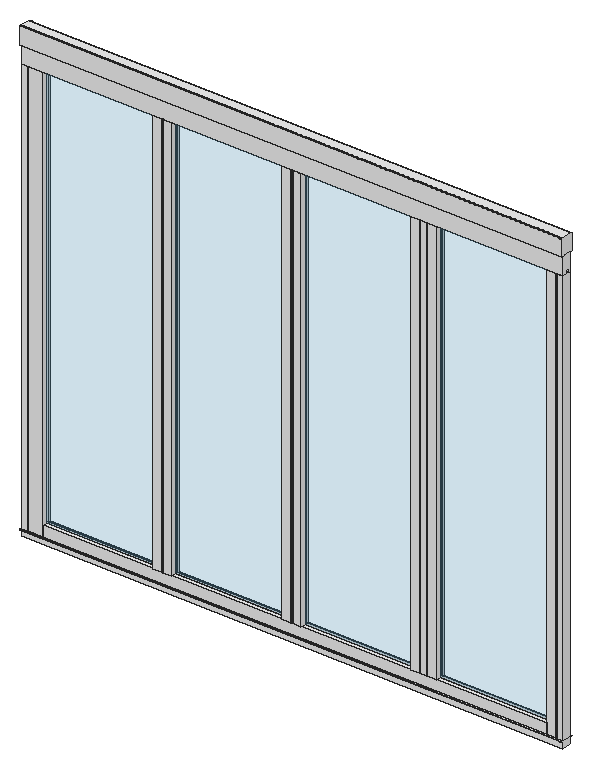
Revit family "98126", category Windows, host Wall, Revit 2018 (continued)
Definition of nested family "Left-Jamb_HSW60"
  Definition of nested family "Profile_LeftJamb_HSW60"
    Lines and regions (in)
      model lines, in view "Ref. Level"
        curve 530: line (2.09083, -0.54842, 0) -> (1.56984, -0.54842, 0)
        curve 531: line (1.56984, -0.54842, 0) -> (1.56984, -0.86963, 0)
        curve 532: line (1.55025, -0.88922, 0) -> (1.53067, -0.88922, 0)
        curve 533: line (1.53067, -0.88922, 0) -> (1.53067, -0.85004, 0)
        curve 534: line (1.53067, -0.85004, 0) -> (1.37398, -0.85004, 0)
        curve 535: line (1.37398, -0.85004, 0) -> (1.37398, -1.10467, 0)
        curve 536: line (1.37398, -1.10467, 0) -> (1.53067, -1.10467, 0)
        curve 537: line (1.53067, -1.10467, 0) -> (1.53067, -1.06549, 0)
        curve 538: line (1.53067, -1.06549, 0) -> (1.55025, -1.06549, 0)
        curve 539: line (1.56984, -1.08508, 0) -> (1.56984, -1.16342, 0)
        curve 540: line (1.56984, -1.16342, 0) -> (0.00294, -1.16342, 0)
        curve 541: line (0.00294, -1.16342, 0) -> (0.00294, -1.11642, 0)
        curve 542: line (0.02252, -1.09683, 0) -> (0.12437, -1.09683, 0)
        curve 543: line (0.29673, -0.994, 0) -> (0.29673, -0.93231, 0)
        curve 544: line (0.25756, -0.89313, 0) -> (0.21055, -0.89313, 0)
        curve 545: line (0.21055, -0.89313, 0) -> (0.21055, -0.92447, 0)
        curve 546: line (0.18476, -0.94305, 0) -> (0.04844, -0.89754, 0)
        curve 547: line (0.00294, -0.83438, 0) -> (0.00294, -0.34905, 0)
        curve 548: line (0.1988, -0.35255, 0) -> (0.26329, -0.35255, 0)
        curve 549: line (0.29722, -0.37214, 0) -> (0.35376, -0.47007, 0)
        curve 550: line (0.35376, -0.47007, 0) -> (0.95865, -0.47007, 0)
        curve 551: line (0.00979, 0.27986, 0) -> (0.11066, 0.3381, 0)
        curve 552: line (0.0276, 0.33013, 0) -> (0.12046, 0.35506, 0)
        curve 553: line (0.12046, 0.35506, 0) -> (0.12046, 0.36475, 0)
        curve 554: line (0.12046, 0.36475, 0) -> (0.07639, 0.44108, 0)
        curve 555: line (0.07639, 0.44108, 0) -> (0.07639, 0.46224, 0)
        curve 556: line (0.08422, 0.47007, 0) -> (0.23504, 0.47007, 0)
        curve 557: line (0.24287, 0.46224, 0) -> (0.24287, 0.44108, 0)
        curve 558: line (0.24287, 0.44108, 0) -> (0.1988, 0.36475, 0)
        curve 559: line (0.1988, 0.36475, 0) -> (0.1988, 0.32566, 0)
        curve 560: line (0.17921, 0.29174, 0) -> (0.09401, 0.24254, 0)
        curve 561: line (0.07443, 0.20862, 0) -> (0.07443, -0.20862, 0)
        curve 562: line (0.09401, -0.24254, 0) -> (0.17921, -0.29174, 0)
        curve 563: line (0.1988, -0.32566, 0) -> (0.1988, -0.36475, 0)
        curve 564: line (0.1988, -0.36475, 0) -> (0.24287, -0.44108, 0)
        curve 565: line (0.24287, -0.44108, 0) -> (0.24287, -0.46224, 0)
        curve 566: line (0.23504, -0.47007, 0) -> (0.08422, -0.47007, 0)
        curve 567: line (0.07639, -0.46224, 0) -> (0.07639, -0.44108, 0)
        curve 568: line (0.07639, -0.44108, 0) -> (0.12046, -0.36475, 0)
        curve 569: line (0.12046, -0.36475, 0) -> (0.12046, -0.35506, 0)
        curve 570: line (0.12046, -0.35506, 0) -> (0.0276, -0.33013, 0)
        curve 571: line (0.11066, -0.3381, 0) -> (0.00979, -0.27986, 0)
        curve 572: line (0, -0.2629, 0) -> (0, 0.2629, 0)
        curve 573: line (2.15057, 0.27986, 0) -> (2.0497, 0.3381, 0)
        curve 574: line (2.07614, 0.47007, 0) -> (1.92533, 0.47007, 0)
        curve 575: line (1.9175, 0.46224, 0) -> (1.9175, 0.44108, 0)
        curve 576: line (1.9175, 0.44108, 0) -> (1.96156, 0.36475, 0)
        curve 577: line (1.96156, 0.36475, 0) -> (1.96156, 0.32566, 0)
        curve 578: line (1.98115, 0.29174, 0) -> (2.06635, 0.24254, 0)
        curve 579: line (2.08594, 0.20862, 0) -> (2.08594, -0.20862, 0)
        curve 580: line (1.98115, -0.29174, 0) -> (2.06635, -0.24254, 0)
        curve 581: line (2.06635, -0.24254, 0) -> (1.98115, -0.29174, 0)
        curve 582: line (1.96156, -0.36475, 0) -> (1.96156, -0.32566, 0)
        curve 583: line (1.96156, -0.32566, 0) -> (1.96156, -0.36475, 0)
        curve 584: line (1.96156, -0.36475, 0) -> (1.9175, -0.44108, 0)
        curve 585: line (1.9175, -0.44108, 0) -> (1.9175, -0.46224, 0)
        curve 586: line (1.9175, -0.46224, 0) -> (1.9175, -0.44108, 0)
        curve 587: line (1.9175, -0.44108, 0) -> (1.96156, -0.36475, 0)
        curve 588: line (1.92533, -0.47007, 0) -> (2.07614, -0.47007, 0)
        curve 589: line (2.08398, -0.46224, 0) -> (2.08398, -0.44108, 0)
        curve 590: line (2.08398, -0.44108, 0) -> (2.03991, -0.36475, 0)
        curve 591: line (2.03991, -0.36475, 0) -> (2.03991, -0.35506, 0)
        curve 592: line (2.03991, -0.35506, 0) -> (2.13276, -0.33013, 0)
        curve 593: line (2.15057, -0.27986, 0) -> (2.0497, -0.3381, 0)
        curve 594: line (2.0497, -0.3381, 0) -> (2.15057, -0.27986, 0)
        curve 595: line (2.16037, -0.2629, 0) -> (2.16037, 0.2629, 0)
        curve 596: line (0.36333, 1.09291, 0) -> (0.36333, 0.94014, 0)
        curve 597: line (0.36333, 0.94014, 0) -> (0.36333, 1.09291, 0)
        curve 598: line (0.36333, 1.09291, 0) -> (1.30738, 1.09291, 0)
        curve 599: line (1.30738, 1.09291, 0) -> (1.30738, 0.85396, 0)
        curve 600: line (1.50325, 0.78737, 0) -> (1.37398, 0.78737, 0)
        curve 601: line (1.37398, 0.78737, 0) -> (1.50325, 0.78737, 0)
        curve 602: line (1.50325, 0.78737, 0) -> (1.50325, 0.54842, 0)
        curve 603: line (1.50325, 0.54842, 0) -> (1.17529, 0.54842, 0)
        curve 604: line (0.06953, 0.54842, 0) -> (0.9459, 0.54842, 0)
        curve 605: line (0.9459, 0.54842, 0) -> (0.06953, 0.54842, 0)
        curve 606: line (0.06953, 0.54842, 0) -> (0.06953, 0.83438, 0)
        curve 607: line (0.06953, 0.83438, 0) -> (0.25756, 0.83438, 0)
        curve 608: line (0.25756, 0.83438, 0) -> (0.06953, 0.83438, 0)
        curve 609: line (0.06953, 0.83438, 0) -> (0.06953, 0.54842, 0)
        curve 610: line (1.16254, 0.47007, 0) -> (1.80661, 0.47007, 0)
        curve 611: line (1.80661, 0.47007, 0) -> (1.86315, 0.37214, 0)
        curve 612: line (1.89707, 0.35255, 0) -> (1.96156, 0.35255, 0)
        curve 613: line (2.0481, 0.35282, 0) -> (2.13277, 0.33013, 0)
        curve 614: line (2.13276, 0.33013, 0) -> (2.03991, 0.35506, 0)
        curve 615: line (2.03991, 0.35506, 0) -> (2.03991, 0.36475, 0)
        curve 616: line (2.03991, 0.36475, 0) -> (2.08398, 0.44108, 0)
        curve 617: line (2.08398, 0.44108, 0) -> (2.08398, 0.46224, 0)
        curve 618: line (2.15743, 0.34905, 0) -> (2.15743, 0.59857, 0)
        curve 619: line (2.15743, 0.59857, 0) -> (2.14568, 0.61893, 0)
        curve 620: line (2.14568, 0.61893, 0) -> (2.15743, 0.63928, 0)
        curve 621: line (2.15743, 0.63928, 0) -> (2.15743, 0.67362, 0)
        curve 622: line (2.15743, 0.67362, 0) -> (2.15743, 0.63928, 0)
        curve 623: line (2.15743, 0.63928, 0) -> (2.14568, 0.61893, 0)
        curve 624: line (2.14568, 0.61893, 0) -> (2.15743, 0.59857, 0)
        curve 625: line (2.15743, 0.59857, 0) -> (2.15743, 0.34905, 0)
        curve 626: line (1.99221, 0.76216, 0) -> (2.1044, 0.73882, 0)
        curve 627: line (2.1044, 0.73882, 0) -> (1.99221, 0.76216, 0)
        curve 628: line (1.55025, 0.88922, 0) -> (1.53067, 0.88922, 0)
        curve 629: line (1.53067, 0.88922, 0) -> (1.53067, 0.85004, 0)
        curve 630: line (1.53067, 0.85004, 0) -> (1.37398, 0.85004, 0)
        curve 631: line (1.37398, 0.85004, 0) -> (1.37398, 1.10467, 0)
        curve 632: line (1.37398, 1.10467, 0) -> (1.53067, 1.10467, 0)
        curve 633: line (1.53067, 1.10467, 0) -> (1.53067, 1.06549, 0)
        curve 634: line (1.53067, 1.06549, 0) -> (1.55025, 1.06549, 0)
        curve 635: line (1.56984, 1.08508, 0) -> (1.56984, 1.16342, 0)
        curve 636: line (1.56984, 1.16342, 0) -> (0.00294, 1.16342, 0)
        curve 637: line (0.00294, 1.16342, 0) -> (0.00294, 1.11642, 0)
        curve 638: line (0.00294, 1.11642, 0) -> (0.00294, 1.16342, 0)
        curve 639: line (0.12437, 1.09683, 0) -> (0.02252, 1.09683, 0)
        curve 640: line (0.02252, 1.09683, 0) -> (0.12437, 1.09683, 0)
        curve 641: line (0.29673, 0.93231, 0) -> (0.29673, 0.994, 0)
        curve 642: line (0.29673, 0.994, 0) -> (0.29673, 0.93231, 0)
        curve 643: line (0.21055, 0.89313, 0) -> (0.25756, 0.89313, 0)
        curve 644: line (0.25756, 0.89313, 0) -> (0.21055, 0.89313, 0)
        curve 645: line (0.21055, 0.89313, 0) -> (0.21055, 0.92447, 0)
        curve 646: line (0.21055, 0.92447, 0) -> (0.21055, 0.89313, 0)
        curve 647: line (0.04844, 0.89754, 0) -> (0.18476, 0.94305, 0)
        curve 648: line (0.18476, 0.94305, 0) -> (0.04844, 0.89754, 0)
        curve 649: line (0.00294, 0.83438, 0) -> (0.00294, 0.34905, 0)
        curve 650: line (0.1988, 0.35255, 0) -> (0.26329, 0.35255, 0)
        curve 651: line (0.29722, 0.37214, 0) -> (0.35376, 0.47007, 0)
        curve 652: line (0.35376, 0.47007, 0) -> (0.95865, 0.47007, 0)
        curve 653: line (1.56984, 0.86963, 0) -> (1.56984, 0.54842, 0)
        curve 654: line (1.56984, 0.54842, 0) -> (2.09083, 0.54842, 0)
        curve 655: line (2.09083, 0.54842, 0) -> (2.09083, 0.68963, 0)
        curve 656: line (2.09083, 0.68963, 0) -> (1.98184, 0.7123, 0)
        curve 657: line (1.98184, 0.7123, 0) -> (2.09083, 0.68963, 0)
        curve 658: line (2.09083, 0.68963, 0) -> (2.09083, 0.54842, 0)
        curve 659: line (2.64317, 0.34905, 0) -> (2.64317, 0.59857, 0)
        curve 660: line (2.64317, 0.59857, 0) -> (2.65492, 0.61893, 0)
        curve 661: line (2.65492, 0.61893, 0) -> (2.64317, 0.63928, 0)
        curve 662: line (2.64317, 0.63928, 0) -> (2.64317, 0.67362, 0)
        curve 663: line (3.23075, 1.08508, 0) -> (3.23075, 1.16342, 0)
        curve 664: line (3.23075, 1.16342, 0) -> (5.58111, 1.16342, 0)
        curve 665: line (5.58111, 1.16342, 0) -> (5.58111, 0.9786, 0)
        curve 666: line (3.63806, 0.47007, 0) -> (2.99399, 0.47007, 0)
        curve 667: line (2.99399, 0.47007, 0) -> (2.93745, 0.37214, 0)
        curve 668: line (5.18938, 0.9989, 0) -> (5.18938, 1.02632, 0)
        curve 669: line (5.18938, 1.02632, 0) -> (5.15021, 1.02632, 0)
        curve 670: line (5.15021, 1.02632, 0) -> (5.15021, 1.10467, 0)
        curve 671: line (5.15021, 1.10467, 0) -> (5.50668, 1.10467, 0)
        curve 672: line (5.50668, 1.10467, 0) -> (5.50668, 1.02632, 0)
        curve 673: line (5.50668, 1.02632, 0) -> (5.46751, 1.02632, 0)
        curve 674: line (5.46751, 1.02632, 0) -> (5.46751, 0.98715, 0)
        curve 675: line (5.46751, 0.98715, 0) -> (5.56473, 0.98715, 0)
        curve 676: line (5.56473, 0.98715, 0) -> (5.47926, 0.98715, 0)
        curve 677: line (5.17763, 0.98715, 0) -> (5.14237, 0.98715, 0)
        curve 678: line (5.1032, 1.02632, 0) -> (5.1032, 1.09291, 0)
        curve 679: line (5.1032, 1.09291, 0) -> (4.71931, 1.09291, 0)
        curve 680: line (4.71931, 1.09291, 0) -> (4.71931, 0.98777, 0)
        curve 681: line (4.71931, 0.98777, 0) -> (4.78872, 0.8677, 0)
        curve 682: line (2.81875, 0.7123, 0) -> (2.70976, 0.68963, 0)
        curve 683: line (2.70976, 0.68963, 0) -> (2.70976, 0.54842, 0)
        curve 684: line (2.70976, 0.54842, 0) -> (3.23075, 0.54842, 0)
        curve 685: line (3.23075, 0.54842, 0) -> (3.23075, 0.86963, 0)
        curve 686: line (3.25034, 0.88922, 0) -> (3.26993, 0.88922, 0)
        curve 687: line (3.26993, 0.88922, 0) -> (3.26993, 0.85004, 0)
        curve 688: line (3.26993, 0.85004, 0) -> (3.42662, 0.85004, 0)
        curve 689: line (3.42662, 0.85004, 0) -> (3.42662, 1.10467, 0)
        curve 690: line (3.42662, 1.10467, 0) -> (3.26993, 1.10467, 0)
        curve 691: line (3.26993, 1.10467, 0) -> (3.26993, 1.06549, 0)
        curve 692: line (3.26993, 1.06549, 0) -> (3.25034, 1.06549, 0)
        curve 693: line (3.42662, 0.78737, 0) -> (3.29735, 0.78737, 0)
        curve 694: line (3.29735, 0.78737, 0) -> (3.29735, 0.54842, 0)
        curve 695: line (3.29735, 0.54842, 0) -> (3.62531, 0.54842, 0)
        curve 696: line (3.85469, 0.54842, 0) -> (4.73106, 0.54842, 0)
        curve 697: line (4.73106, 0.54842, 0) -> (4.73106, 0.83438, 0)
        curve 698: line (4.73106, 0.83438, 0) -> (4.65272, 0.96991, 0)
        curve 699: line (4.65272, 0.96991, 0) -> (4.65272, 1.09291, 0)
        curve 700: line (4.65272, 1.09291, 0) -> (3.49321, 1.09291, 0)
        curve 701: line (3.49321, 1.09291, 0) -> (3.49321, 0.85396, 0)
        curve 702: line (4.50338, 0.37214, 0) -> (4.44683, 0.47007, 0)
        curve 703: line (4.44683, 0.47007, 0) -> (3.84194, 0.47007, 0)
        curve 704: line (4.60179, 0.35255, 0) -> (4.5373, 0.35255, 0)
        curve 705: line (2.90352, 0.35255, 0) -> (2.83903, 0.35255, 0)
        curve 706: line (4.79766, 0.83438, 0) -> (4.79766, 0.34905, 0)
        curve 707: line (2.64317, -0.34905, 0) -> (2.64317, -0.59857, 0)
        curve 708: line (2.64317, -0.59857, 0) -> (2.65492, -0.61893, 0)
        curve 709: line (2.65492, -0.61893, 0) -> (2.64317, -0.63928, 0)
        curve 710: line (2.64317, -0.63928, 0) -> (2.64317, -0.67362, 0)
        curve 711: line (2.81875, -0.7123, 0) -> (2.70976, -0.68963, 0)
        curve 712: line (2.70976, -0.68963, 0) -> (2.70976, -0.54842, 0)
        curve 713: line (2.70976, -0.54842, 0) -> (3.23075, -0.54842, 0)
        curve 714: line (3.23075, -0.54842, 0) -> (3.23075, -0.86963, 0)
        curve 715: line (3.42662, -0.78737, 0) -> (3.29735, -0.78737, 0)
        curve 716: line (3.29735, -0.78737, 0) -> (3.29735, -0.54842, 0)
        curve 717: line (3.29735, -0.54842, 0) -> (3.62531, -0.54842, 0)
        curve 718: line (3.25034, -0.88922, 0) -> (3.26993, -0.88922, 0)
        curve 719: line (3.26993, -0.88922, 0) -> (3.26993, -0.85004, 0)
        curve 720: line (3.26993, -0.85004, 0) -> (3.42662, -0.85004, 0)
        curve 721: line (3.42662, -0.85004, 0) -> (3.42662, -1.10467, 0)
        curve 722: line (3.42662, -1.10467, 0) -> (3.26993, -1.10467, 0)
        curve 723: line (3.26993, -1.10467, 0) -> (3.26993, -1.06549, 0)
        curve 724: line (3.26993, -1.06549, 0) -> (3.25034, -1.06549, 0)
        curve 725: line (4.60179, -0.35255, 0) -> (4.5373, -0.35255, 0)
        curve 726: line (2.90352, -0.35255, 0) -> (2.83903, -0.35255, 0)
        curve 727: line (4.43727, -0.93231, 0) -> (4.43727, -1.09291, 0)
        curve 728: line (4.43727, -1.09291, 0) -> (3.49321, -1.09291, 0)
        curve 729: line (3.49321, -1.09291, 0) -> (3.49321, -0.85396, 0)
        curve 730: line (4.50338, -0.37214, 0) -> (4.44683, -0.47007, 0)
        curve 731: line (4.44683, -0.47007, 0) -> (3.84194, -0.47007, 0)
        curve 732: line (3.63806, -0.47007, 0) -> (2.99399, -0.47007, 0)
        curve 733: line (2.99399, -0.47007, 0) -> (2.93745, -0.37214, 0)
        curve 734: line (4.50386, -0.994, 0) -> (4.50386, -0.93231, 0)
        curve 735: line (4.54303, -0.89313, 0) -> (4.59004, -0.89313, 0)
        curve 736: line (4.59004, -0.89313, 0) -> (4.59004, -0.92447, 0)
        curve 737: line (3.85469, -0.54842, 0) -> (4.73106, -0.54842, 0)
        curve 738: line (4.73106, -0.54842, 0) -> (4.73106, -0.82654, 0)
        curve 739: line (4.73106, -0.82654, 0) -> (4.54303, -0.82654, 0)
        curve 740: line (3.23075, -1.08508, 0) -> (3.23075, -1.16342, 0)
        curve 741: line (3.23075, -1.16342, 0) -> (4.79766, -1.16342, 0)
        curve 742: line (4.79766, -1.16342, 0) -> (4.79766, -1.11642, 0)
        curve 743: line (4.79766, -0.34905, 0) -> (4.79766, -0.82654, 0)
        curve 744: line (2.6962, -0.73882, 0) -> (2.80838, -0.76216, 0)
        curve 745: line (4.77807, -1.09683, 0) -> (4.67622, -1.09683, 0)
        curve 746: line (4.61676, -0.94271, 0) -> (4.7553, -0.88856, 0)
        curve 747: line (2.64317, -0.2629, 0) -> (2.64317, 0.2629, 0)
        curve 748: line (2.71466, 0.20862, 0) -> (2.71466, -0.20862, 0)
        curve 749: line (2.71662, -0.46224, 0) -> (2.71662, -0.44108, 0)
        curve 750: line (2.71662, -0.44108, 0) -> (2.76068, -0.36475, 0)
        curve 751: line (2.76068, -0.36475, 0) -> (2.76068, -0.35501, 0)
        curve 752: line (2.76068, -0.35501, 0) -> (2.66782, -0.33013, 0)
        curve 753: line (2.66782, 0.33013, 0) -> (2.76068, 0.35501, 0)
        curve 754: line (2.76068, 0.35501, 0) -> (2.76068, 0.36475, 0)
        curve 755: line (2.76068, 0.36475, 0) -> (2.71662, 0.44108, 0)
        curve 756: line (2.71662, 0.44108, 0) -> (2.71662, 0.46224, 0)
        curve 757: line (2.8831, 0.46224, 0) -> (2.8831, 0.44108, 0)
        curve 758: line (2.8831, 0.44108, 0) -> (2.83903, 0.36475, 0)
        curve 759: line (2.83903, 0.36475, 0) -> (2.83903, 0.32566, 0)
        curve 760: line (2.83903, -0.32566, 0) -> (2.83903, -0.36475, 0)
        curve 761: line (2.83903, -0.36475, 0) -> (2.8831, -0.44108, 0)
        curve 762: line (2.8831, -0.44108, 0) -> (2.8831, -0.46224, 0)
        curve 763: line (2.65296, 0.27986, 0) -> (2.75089, 0.3381, 0)
        curve 764: line (2.81944, 0.29174, 0) -> (2.73424, 0.24254, 0)
        curve 765: line (2.72445, 0.47007, 0) -> (2.87526, 0.47007, 0)
        curve 766: line (2.87526, -0.47007, 0) -> (2.72445, -0.47007, 0)
        curve 767: line (2.73424, -0.24254, 0) -> (2.81944, -0.29174, 0)
        curve 768: line (2.75089, -0.3381, 0) -> (2.65296, -0.27986, 0)
        curve 769: line (4.55772, 0.46224, 0) -> (4.55772, 0.44108, 0)
        curve 770: line (4.55772, 0.44108, 0) -> (4.60179, 0.36475, 0)
        curve 771: line (4.60179, 0.36475, 0) -> (4.60179, 0.32566, 0)
        curve 772: line (4.78786, 0.27986, 0) -> (4.68993, 0.3381, 0)
        curve 773: line (4.62138, 0.29174, 0) -> (4.70658, 0.24254, 0)
        curve 774: line (4.71637, 0.47007, 0) -> (4.56556, 0.47007, 0)
        curve 775: line (4.72421, -0.46224, 0) -> (4.72421, -0.44108, 0)
        curve 776: line (4.72421, -0.44108, 0) -> (4.68014, -0.36475, 0)
        curve 777: line (4.68014, -0.36475, 0) -> (4.68014, -0.35506, 0)
        curve 778: line (4.68014, -0.35506, 0) -> (4.77299, -0.33013, 0)
        curve 779: line (4.773, 0.33013, 0) -> (4.68014, 0.35501, 0)
        curve 780: line (4.68014, 0.35501, 0) -> (4.68014, 0.36475, 0)
        curve 781: line (4.68014, 0.36475, 0) -> (4.72421, 0.44108, 0)
        curve 782: line (4.72421, 0.44108, 0) -> (4.72421, 0.46224, 0)
        curve 783: line (4.56556, -0.47007, 0) -> (4.71637, -0.47007, 0)
        curve 784: line (4.60179, -0.32566, 0) -> (4.60179, -0.36475, 0)
        curve 785: line (4.60179, -0.36475, 0) -> (4.55772, -0.44108, 0)
        curve 786: line (4.55772, -0.44108, 0) -> (4.55772, -0.46224, 0)
        curve 787: line (4.70658, -0.24254, 0) -> (4.62138, -0.29174, 0)
        curve 788: line (4.72617, 0.20862, 0) -> (4.72617, -0.20862, 0)
        curve 789: line (4.68993, -0.3381, 0) -> (4.78786, -0.27986, 0)
        curve 790: line (4.79766, -0.2629, 0) -> (4.79766, 0.2629, 0)
        curve 791: line (2.37032, -0.98232, 0) -> (2.35329, -0.97931, 0)
        curve 792: line (2.35329, -0.97931, 0) -> (2.35329, -0.92839, 0)
        curve 793: line (2.35329, -0.92839, 0) -> (2.43164, -0.92839, 0)
        curve 794: line (2.43164, -0.92839, 0) -> (2.43164, -0.86963, 0)
        curve 795: line (2.56482, -0.48966, 0) -> (2.56482, -0.81087, 0)
        curve 796: line (2.56482, -0.81087, 0) -> (2.49039, -0.81087, 0)
        curve 797: line (2.58441, -0.47007, 0) -> (2.64317, -0.47007, 0)
        curve 798: line (2.64317, -0.47007, 0) -> (2.64317, -0.50924, 0)
        curve 799: line (2.64317, -0.50924, 0) -> (2.62358, -0.50924, 0)
        curve 800: line (2.62358, -0.50924, 0) -> (2.62358, -0.81087, 0)
        curve 801: line (2.62358, -0.81087, 0) -> (2.7411, -0.81087, 0)
        curve 802: line (2.7411, -0.81087, 0) -> (2.7411, -0.77142, 0)
        curve 803: line (2.75524, -0.75991, 0) -> (2.7905, -0.76725, 0)
        curve 804: line (2.79986, -0.77875, 0) -> (2.79986, -0.81087, 0)
        curve 805: line (2.79986, -0.81087, 0) -> (2.83903, -0.81087, 0)
        curve 806: line (2.83903, -0.81087, 0) -> (2.83903, -0.88138, 0)
        curve 807: line (2.83903, -0.88138, 0) -> (2.50215, -0.88138, 0)
        curve 808: line (2.50215, -0.88138, 0) -> (2.50215, -1.09291, 0)
        curve 809: line (2.50215, -1.09291, 0) -> (3.14066, -1.09291, 0)
        curve 810: line (3.14066, -1.09291, 0) -> (3.14066, -1.00666, 0)
        curve 811: line (3.14066, -1.00666, 0) -> (3.282, -1.00666, 0)
        curve 812: line (3.282, -1.00666, 0) -> (3.282, -0.94462, 0)
        curve 813: line (3.282, -0.94462, 0) -> (3.23075, -0.94462, 0)
        curve 814: line (3.32869, -1.01653, 0) -> (3.32869, -0.93818, 0)
        curve 815: line (3.28951, -0.89901, 0) -> (3.23075, -0.89901, 0)
        curve 816: line (3.23075, -0.89901, 0) -> (3.23075, -0.94462, 0)
        curve 817: line (3.28951, -1.0557, 0) -> (3.21117, -1.0557, 0)
        curve 818: line (3.21117, -1.0557, 0) -> (3.21117, -1.12425, 0)
        curve 819: line (3.21117, -1.12425, 0) -> (3.23075, -1.14384, 0)
        curve 820: line (3.23075, -1.14384, 0) -> (3.23075, -1.16342, 0)
        curve 821: line (3.23075, -1.16342, 0) -> (1.97723, -1.16342, 0)
        curve 822: line (1.97723, -1.16342, 0) -> (1.97723, -0.92839, 0)
        curve 823: line (1.97723, -0.92839, 0) -> (2.07517, -0.92839, 0)
        curve 824: line (2.07517, -0.92839, 0) -> (2.07517, -0.96756, 0)
        curve 825: line (2.07517, -0.96756, 0) -> (2.03599, -0.96756, 0)
        curve 826: line (2.03599, -0.96756, 0) -> (2.03599, -1.09683, 0)
        curve 827: line (2.03599, -1.09683, 0) -> (2.27494, -1.09683, 0)
        curve 828: line (2.35329, -0.92839, 0) -> (2.35329, -0.96756, 0)
        curve 829: line (2.35329, -0.96756, 0) -> (2.43164, -0.96756, 0)
        curve 830: line (2.43164, -0.96756, 0) -> (2.43164, -1.09683, 0)
        curve 831: line (2.43164, -1.09683, 0) -> (2.31412, -1.09683, 0)
        curve 832: line (2.31412, -1.09683, 0) -> (2.31412, -1.04591, 0)
        curve 833: line (2.31412, -1.04591, 0) -> (2.27494, -1.04591, 0)
        curve 834: line (2.27494, -1.04591, 0) -> (2.27494, -1.09683, 0)
Definition of nested family "Sash_Open-Door_HSW-60_NanaWall"
  Parameters
    system length 1 = 2' - 6.77422"
    Height = 8' - 11 121/128"
    Glass Thickness = 0' - 0.94091"
    Glass = none
    Assembly Code = ""
  Reference planes (in)
    plane 1 "Center (Front/Back)": y = -7.70117
    plane 2: z = 0
    plane 3 "Center (Left/Right)": x = 0.01235
    plane 4 "Left": x = -15.37476
    plane 5 "Right": x = 15.39946
    plane 6 "Top": z = 107.94531
    plane 7 "Top Interior Edge of Filler": z = 107.43359
    plane 8 "Bottom Interior Edge of Filler": z = 0.51172
    plane 9 "Top Edge of Glass": z = 105.07813
    plane 10 "Bottom Edge of Glass": z = 2.86719
  Forms (in)
    Extrusion 1, solid, material <- "Glass"
      sketch origin (0, 0, 0) x (1, 0, 0) y (0, 1, 0)
        loop
          line (-15.37476, -7.23072) -> (-15.37476, -8.17163) -> (15.39946, -8.17163) -> (15.39946, -7.23072) -> (-15.37476, -7.23072)
      from 0 to 107.94531
  Lines and regions (in)
    Masking region 1
      outline origin (0, 0, 0) x (1, 0, 0) y (0, 1, 0)
        loop
          line (-15.37476, -8.17163) -> (15.39946, -8.17163) -> (15.39946, -7.23072) -> (-15.37476, -7.23072) -> (-15.37476, -8.17163)
  Text (in)
    text "INTERIOR" at (-58.41771, 10.1947, 0), in view "Ref. Level"
    text "EXTERIOR" at (-58.41771, -20.04114, 0), in view "Ref. Level"
  Dimensions and locks (in)
    equal spacing: plane 4 "Left", plane 3 "Center (Left/Right)", plane 5 "Right"
    "Height": plane 6 "Top" to level
    locked: plane 6 "Top" to plane 7 "Top Interior Edge of Filler" at 0.51172
    locked: plane 8 "Bottom Interior Edge of Filler" to level at 0.51172
    locked: plane 10 "Bottom Edge of Glass" to level at 2.86719
    locked: plane 6 "Top" to plane 9 "Top Edge of Glass" at 2.86719
    "system length 1": plane 4 "Left" to plane 5 "Right"
    equal spacing: Extrusion 1 sketch curve, plane 1 "Center (Front/Back)", Extrusion 1 sketch curve
    "Glass Thickness": Extrusion 1 sketch curve to Extrusion 1 sketch curve
    aligned and locked: Extrusion 1 sketch curve to plane 5 "Right"
    aligned and locked: plane 4 "Left" to Extrusion 1 sketch curve
    aligned and locked: Masking region 1 sketch curve to Extrusion 1  (x2)
    aligned and locked: Masking region 1 sketch curve to plane 4 "Left"
    aligned and locked: Masking region 1 sketch curve to plane 5 "Right"
    aligned and locked: Extrusion 1 to level
    aligned and locked: plane 6 "Top" to Extrusion 1
Definition of nested family "Middle-Jamb_11.6"
  Parameters
    built-in parameter 1001301 = 1' - 0"
    Right Jamb = none
    Height = 8' - 11 121/128"
    Half = yes
    Filler = none
    Closed [instance] = yes
    Assembly Code = ""
  Reference planes (in)
    plane 1 "Center (Front/Back)": y = 0
    plane 2: z = 0
    plane 3 "Center (Left/Right)": x = -7.30207
    plane 4 "Top": z = 107.94531
    plane 5: x = -10.09324
    plane 6: x = -4.5109
  Forms (in)
    Sweep 1, solid, material <- "Right Jamb", visible <- "Closed"
      path origin (-7.30207, 0, 0) x (0, 1, 0) y (0, 0, -1)
        loop
          line (0, -107.94531) -> (0, 0)
      profile origin (-7.30207, 0, 53.97266) x (-1, 0, 0) y (0, -1, 0)
        loop
          line (-3.36375, -1.16437) -> (-1.02716, -1.16437) -> (-1.02716, 1.16438) -> (-3.37943, 1.16438) -> (-3.37943, 0.10977) -> (-2.79117, 0.10977) -> (-2.79117, -0.83114) -> (-3.36375, -0.83114) -> (-3.36375, -1.16437)
        loop
          line (3.36375, -1.16437) -> (3.36375, -0.83114) -> (2.79117, -0.83114) -> (2.79117, 0.10977) -> (3.37943, 0.10977) -> (3.37943, 1.16438) -> (1.02716, 1.16438) -> (1.02716, -1.16437) -> (3.36375, -1.16437)
    Sweep 2, solid, material <- "Right Jamb"
      path origin (-7.30207, 0, 0) x (0, 1, 0) y (0, 0, -1)
        loop
          line (0, -107.94531) -> (0, 0)
      profile origin (-7.30207, 0, 53.97266) x (-1, 0, 0) y (0, -1, 0)
        loop
          line (-1.02716, 0.82155) -> (-1.02716, -1.16437) -> (0.61943, -1.16437) -> (0.61943, -0.82155) -> (1.02716, -0.82155) -> (1.02716, 1.16438) -> (-0.61943, 1.16438) -> (-0.61943, 0.82155) -> (-1.02716, 0.82155)
  Lines and regions (in)
    Masking region 1, visible <- "Closed"
      outline origin (0, 0, 0) x (1, 0, 0) y (0, 1, 0)
        loop
          line (-3.92264, -1.16438) -> (-3.92264, -0.10977) -> (-4.5109, -0.10977) -> (-4.5109, 0.83114) -> (-3.93832, 0.83114) -> (-3.93832, 1.16437) -> (-6.27491, 1.16437) -> (-6.27491, -1.16438) -> (-3.92264, -1.16438)
        loop
          line (-10.6815, -1.16438) -> (-8.32923, -1.16438) -> (-8.32923, 1.16437) -> (-10.66582, 1.16437) -> (-10.66582, 0.83114) -> (-10.09324, 0.83114) -> (-10.09324, -0.10977) -> (-10.6815, -0.10977) -> (-10.6815, -1.16438)
    Masking region 2
      outline origin (-2.33659, 0, 0) x (1, 0, 0) y (0, 1, 0)
        loop
          line (-5.58491, 1.16437) -> (-5.58491, 0.82155) -> (-5.99264, 0.82155) -> (-5.99264, -1.16438) -> (-4.34605, -1.16438) -> (-4.34605, -0.82155) -> (-3.93832, -0.82155) -> (-3.93832, 1.16437) -> (-5.58491, 1.16437)
    symbolic lines, detail levels medium+fine
      curve 1: line (-6.27491, -0.82155, 0) -> (-6.27491, 1.16437, 0)
      curve 2: line (-8.32923, 0.82155, 0) -> (-8.32923, -1.16438, 0)
  Dimensions and locks (in)
    "Height": plane 4 "Top" to level
    plane 4 "Top" to level = 8' - 11 121/128"
    locked: plane 5 to plane 3 "Center (Left/Right)" at 2.79117
    locked: plane 3 "Center (Left/Right)" to plane 6 at 2.79117
    aligned and locked: profile plane to plane 3 "Center (Left/Right)"
  Automatic sketch dimensions
    curve 2 to plane 3 "Center (Left/Right)" = 0' - 1.02716"
    plane 3 "Center (Left/Right)" to curve 1 = 0' - 1.02716"
    plane 1 "Center (Front/Back)" to curve 2 = 0' - 1.16438"
    plane 1 "Center (Front/Back)" to curve 1 = 0' - 0.82155"
    curve 2 to plane 1 "Center (Front/Back)" = 0' - 0.82155"
    curve 1 to plane 1 "Center (Front/Back)" = 0' - 1.16438"
    Sweep 1 sketch curve to level = 0' - 0"
    Sweep 1 sketch curve to plane 1 "Center (Front/Back)" = 0' - 0"
    Sweep 1 sketch curve to plane 4 "Top" = 0' - 0"
    Sweep 1 sketch curve to profile plane = 0' - 1.16438"
    Sweep 1 sketch curve to profile plane = 0' - 3.37943"
    Sweep 1 sketch curve to Sweep 1 sketch curve = 0' - 0.01568"
    Sweep 1 sketch curve to profile plane = 0' - 0.10977"  (x2)
    Sweep 1 sketch curve to Sweep 1 sketch curve = 0' - 0.58826"  (x2)
    Sweep 1 sketch curve to profile plane = 0' - 1.02716"
    profile plane to Sweep 1 sketch curve = 0' - 1.02716"
    Sweep 1 sketch curve to Sweep 1 sketch curve = 0' - 1.76401"
    Sweep 1 sketch curve to Sweep 1 sketch curve = 0' - 0.57258"
    profile plane to Sweep 1 sketch curve = 0' - 0.83114"  (x2)
    profile plane to Sweep 1 sketch curve = 0' - 1.16437"  (x2)
    Sweep 1 sketch curve to Sweep 1 sketch curve = 0' - 1.0546"
    Masking region 1 sketch curve to plane 5 = 0' - 0"
    Masking region 1 sketch curve to plane 6 = 0' - 0"
    plane 5 to Masking region 1 sketch curve = 0' - 0.57258"
    plane 1 "Center (Front/Back)" to Masking region 1 sketch curve = 0' - 0.10977"  (x2)
    plane 5 to Masking region 1 sketch curve = 0' - 0.58826"
    Masking region 1 sketch curve to plane 3 "Center (Left/Right)" = 0' - 1.02716"
    plane 3 "Center (Left/Right)" to Masking region 1 sketch curve = 0' - 1.02716"
    Masking region 1 sketch curve to Masking region 1 sketch curve = 0' - 0.57258"
    plane 6 to Masking region 1 sketch curve = 0' - 0.58826"
    plane 1 "Center (Front/Back)" to Masking region 1 sketch curve = 0' - 1.16438"  (x2)
    Masking region 1 sketch curve to plane 1 "Center (Front/Back)" = 0' - 0.83114"  (x2)
    Masking region 1 sketch curve to plane 1 "Center (Front/Back)" = 0' - 1.16438"  (x2)
    Sweep 2 sketch curve to level = 0' - 0"
    Sweep 2 sketch curve to plane 1 "Center (Front/Back)" = 0' - 0"
    Sweep 2 sketch curve to plane 4 "Top" = 0' - 0"
    Sweep 2 sketch curve to profile plane = 0' - 1.02716"
    Sweep 2 sketch curve to Sweep 2 sketch curve = 0' - 0.40773"  (x2)
    profile plane to Sweep 2 sketch curve = 0' - 0.61943"
    profile plane to Sweep 2 sketch curve = 0' - 1.16437"
    Sweep 2 sketch curve to Sweep 2 sketch curve = 0' - 0.34282"  (x2)
    Sweep 2 sketch curve to profile plane = 0' - 0.82155"
    Masking region 2 sketch curve to plane 3 "Center (Left/Right)" = 0' - 1.02716"
    Masking region 2 sketch curve to Masking region 2 sketch curve = 0' - 0.40773"  (x2)
    Masking region 2 sketch curve to plane 1 "Center (Front/Back)" = 0' - 0.82155"
    Masking region 2 sketch curve to Masking region 2 sketch curve = 0' - 0.34282"  (x2)
    plane 3 "Center (Left/Right)" to Masking region 2 sketch curve = 0' - 0.61943"
    plane 1 "Center (Front/Back)" to Masking region 2 sketch curve = 0' - 0.82155"
Definition of nested family "Middle-Jamb_11"
  Parameters
    built-in parameter 1001301 = 1' - 11 147/256"
    Right Jamb = none
    Height = 8' - 11 121/128"
    Half = yes
    Glass Width = 1' - 11 147/256"
    Glass = none
    Filler = none
    Assembly Code = ""
  Reference planes (in)
    plane 1 "Center (Front/Back)": y = 0
    plane 2: z = 0
    plane 3 "Center (Left/Right)": x = -7.30207
    plane 4 "Top": z = 107.94531
    plane 5: x = -5.3342
    plane 6: x = -9.26994
    plane 7: x = 18.24002
  Forms (in)
    Sweep 1, solid, material <- "Right Jamb"
      path origin (-7.30207, 0, 0) x (0, 1, 0) y (0, 0, -1)
        loop
          line (0, -107.94531) -> (0, 0)
      profile origin (-7.30207, 0, 53.97266) x (-1, 0, 0) y (0, -1, 0)
        loop
          line (2.54045, -1.16437) -> (2.54045, -0.83114) -> (1.96787, -0.83114) -> (1.96787, 0.10977) -> (2.55614, 0.10977) -> (2.55614, 1.16438) -> (0.20386, 1.16438) -> (0.20386, 0.54886) -> (-0.20386, 0.54886) -> (-0.20386, 1.16438) -> (-2.55614, 1.16438) -> (-2.55614, 0.10977) -> (-1.96787, 0.10977) -> (-1.96787, -0.83114) -> (-2.54045, -0.83114) -> (-2.54045, -1.16437) -> (-0.20386, -1.16437) -> (-0.20386, -0.54886) -> (0.20386, -0.54886) -> (0.20386, -1.16437) -> (2.54045, -1.16437)
    Sweep 2, solid, material <- "Right Jamb"
      path origin (-7.30207, 0, 0) x (0, 1, 0) y (0, 0, -1)
        loop
          line (0, -107.94531) -> (0, 0)
      profile origin (-7.30207, 0, 53.97266) x (-1, 0, 0) y (0, -1, 0)
        loop
          line (0.20386, 1.16438) -> (-0.20386, 1.16438) -> (-0.20386, 0.54886) -> (0.20386, 0.54886) -> (0.20386, 1.16438)
        loop
          line (0.20386, -1.16437) -> (0.20386, -0.54886) -> (-0.20386, -0.54886) -> (-0.20386, -1.16437) -> (0.20386, -1.16437)
  Lines and regions (in)
    Masking region 1
      outline origin (0, 0, 0) x (1, 0, 0) y (0, 1, 0)
        loop
          line (-4.76162, 1.16437) -> (-7.09821, 1.16437) -> (-7.09821, 0.54886) -> (-7.50593, 0.54886) -> (-7.50593, 1.16437) -> (-9.84252, 1.16437) -> (-9.84252, 0.83114) -> (-9.26994, 0.83114) -> (-9.26994, -0.10977) -> (-9.85821, -0.10977) -> (-9.85821, -1.16438) -> (-7.50593, -1.16438) -> (-7.50593, -0.54886) -> (-7.09821, -0.54886) -> (-7.09821, -1.16438) -> (-4.74593, -1.16438) -> (-4.74593, -0.10977) -> (-5.3342, -0.10977) -> (-5.3342, 0.83114) -> (-4.76162, 0.83114) -> (-4.76162, 1.16437)
    Masking region 2
      outline origin (-0.40773, 0, 0) x (1, 0, 0) y (0, 1, 0)
        loop
          line (-6.69048, -0.54886) -> (-7.09821, -0.54886) -> (-7.09821, -1.16438) -> (-6.69048, -1.16438) -> (-6.69048, -0.54886)
        loop
          line (-7.09821, 0.54886) -> (-6.69048, 0.54886) -> (-6.69048, 1.16437) -> (-7.09821, 1.16437) -> (-7.09821, 0.54886)
    symbolic lines, detail levels medium+fine
      curve 1: line (-7.09821, 0.54886, 0) -> (-7.09821, -0.54886, 0)
      curve 2: line (-7.50593, 0.54886, 0) -> (-7.50593, -0.54886, 0)
  Dimensions and locks (in)
    "Height": plane 4 "Top" to level
    plane 4 "Top" to level = 8' - 11 121/128"
    "Glass Width": plane 5 to plane 7
    aligned and locked: profile plane to plane 3 "Center (Left/Right)"
    aligned and locked: nested 1 to Sweep 1
    aligned and locked: plane 5 to nested 1
    aligned and locked: nested 1 to level
  Automatic sketch dimensions
    Sweep 1 sketch curve to level = 0' - 0"
    Sweep 1 sketch curve to plane 1 "Center (Front/Back)" = 0' - 0"
    Sweep 1 sketch curve to plane 4 "Top" = 0' - 0"
    Sweep 1 sketch curve to profile plane = 0' - 0.10977"  (x2)
    Sweep 1 sketch curve to profile plane = 0' - 2.55614"
    Sweep 1 sketch curve to Sweep 1 sketch curve = 0' - 0.01568"
    Sweep 1 sketch curve to Sweep 1 sketch curve = 0' - 0.57258"  (x2)
    Sweep 1 sketch curve to profile plane = 0' - 0.20386"  (x2)
    profile plane to Sweep 1 sketch curve = 0' - 0.20386"  (x2)
    Sweep 1 sketch curve to Sweep 1 sketch curve = 0' - 1.76401"
    Sweep 1 sketch curve to Sweep 1 sketch curve = 0' - 0.58826"
    profile plane to Sweep 1 sketch curve = 0' - 0.54886"
    profile plane to Sweep 1 sketch curve = 0' - 0.83114"  (x2)
    Sweep 1 sketch curve to Sweep 1 sketch curve = 0' - 0.61551"
    Sweep 1 sketch curve to Sweep 1 sketch curve = 0' - 0"  (x2)
    Sweep 1 sketch curve to profile plane = 0' - 0.54886"
    Sweep 1 sketch curve to Sweep 1 sketch curve = 0' - 1.0546"
    Masking region 1 sketch curve to Masking region 1 sketch curve = 0' - 0.57258"  (x2)
    Masking region 1 sketch curve to plane 3 "Center (Left/Right)" = 0' - 0.20386"  (x2)
    plane 3 "Center (Left/Right)" to Masking region 1 sketch curve = 0' - 0.20386"  (x2)
    plane 1 "Center (Front/Back)" to Masking region 1 sketch curve = 0' - 0.10977"  (x2)
    plane 1 "Center (Front/Back)" to Masking region 1 sketch curve = 0' - 0.54886"
    Masking region 1 sketch curve to Masking region 1 sketch curve = 0' - 1.0546"  (x2)
    Masking region 1 sketch curve to plane 1 "Center (Front/Back)" = 0' - 0.54886"
    Masking region 1 sketch curve to plane 1 "Center (Front/Back)" = 0' - 0.83114"  (x2)
    Masking region 1 sketch curve to Masking region 1 sketch curve = 0' - 0.33324"  (x2)
    Sweep 2 sketch curve to level = 0' - 0"
    Sweep 2 sketch curve to plane 1 "Center (Front/Back)" = 0' - 0"
    Sweep 2 sketch curve to plane 4 "Top" = 0' - 0"
    Sweep 2 sketch curve to profile plane = 0' - 0.20386"  (x2)
    profile plane to Sweep 2 sketch curve = 0' - 0.20386"  (x2)
    profile plane to Sweep 2 sketch curve = 0' - 1.16437"
    profile plane to Sweep 2 sketch curve = 0' - 0.54886"
    Sweep 2 sketch curve to profile plane = 0' - 0.54886"
    Sweep 2 sketch curve to Sweep 2 sketch curve = 0' - 0.61551"
    Masking region 2 sketch curve to plane 3 "Center (Left/Right)" = 0' - 0.20386"  (x2)
    plane 3 "Center (Left/Right)" to Masking region 2 sketch curve = 0' - 0.20386"  (x2)
    plane 1 "Center (Front/Back)" to Masking region 2 sketch curve = 0' - 1.16438"
    plane 1 "Center (Front/Back)" to Masking region 2 sketch curve = 0' - 0.54886"
    Masking region 2 sketch curve to plane 1 "Center (Front/Back)" = 0' - 0.54886"
    Masking region 2 sketch curve to Masking region 2 sketch curve = 0' - 0.61551"
    Masking region 1 sketch curve to plane 6 = 0' - 0"
    plane 6 to Masking region 1 sketch curve = 0' - 0.58826"
    Masking region 1 sketch curve to plane 5 = 0' - 0"
    Masking region 1 sketch curve to Masking region 1 sketch curve = 0' - 0.58826"
    curve 2 to plane 3 "Center (Left/Right)" = 0' - 0.20386"
    plane 3 "Center (Left/Right)" to curve 1 = 0' - 0.20386"
    plane 1 "Center (Front/Back)" to curve 1 = 0' - 0.54886"
    curve 2 to curve 1 = 0' - 0"  (x2)
    curve 2 to plane 1 "Center (Front/Back)" = 0' - 0.54886"
  Nested families (in)
    nested 1: "Sash_Open-Door_HSW-60_NanaWall" at (6.44056, 8.06185, 0), type "Sash_Open-Door_HSW-60_NanaWall"
  Definition of nested family "Sash_Open-Door_HSW-60_NanaWall"
    Parameters
      system length 1 = 2' - 4 7/32"
      Height = 13' - 11 121/128"
      Glass Thickness = 0' - 0.94091"
      Glass = none
      Assembly Code = ""
    Reference planes (in)
      plane 1 "Center (Front/Back)": y = -7.70117
      plane 2: z = 0
      plane 3 "Center (Left/Right)": x = 0.01235
      plane 4 "Left": x = -14.09703
      plane 5 "Right": x = 14.12172
      plane 6 "Top": z = 167.94531
      plane 7 "Top Interior Edge of Filler": z = 167.43359
      plane 8 "Bottom Interior Edge of Filler": z = 0.51172
      plane 9 "Top Edge of Glass": z = 165.07813
      plane 10 "Bottom Edge of Glass": z = 2.86719
    Forms (in)
      Extrusion 1, solid, material <- "Glass"
        sketch origin (0, 0, 0) x (1, 0, 0) y (0, 1, 0)
          loop
            line (-14.09703, -7.23072) -> (-14.09703, -8.17163) -> (14.12172, -8.17163) -> (14.12172, -7.23072) -> (-14.09703, -7.23072)
        from 0 to 167.94531
    Lines and regions (in)
      Masking region 1
        outline origin (0, 0, 0) x (1, 0, 0) y (0, 1, 0)
          loop
            line (-14.09703, -8.17163) -> (14.12172, -8.17163) -> (14.12172, -7.23072) -> (-14.09703, -7.23072) -> (-14.09703, -8.17163)
    Text (in)
      text "INTERIOR" at (-58.41771, 10.1947, 0), in view "Ref. Level"
      text "EXTERIOR" at (-58.41771, -20.04114, 0), in view "Ref. Level"
    Dimensions and locks (in)
      equal spacing: plane 4 "Left", plane 3 "Center (Left/Right)", plane 5 "Right"
      "Height": plane 6 "Top" to level
      locked: plane 6 "Top" to plane 7 "Top Interior Edge of Filler" at 0.51172
      locked: plane 8 "Bottom Interior Edge of Filler" to level at 0.51172
      locked: plane 10 "Bottom Edge of Glass" to level at 2.86719
      locked: plane 6 "Top" to plane 9 "Top Edge of Glass" at 2.86719
      "system length 1": plane 4 "Left" to plane 5 "Right"
      equal spacing: Extrusion 1 sketch curve, plane 1 "Center (Front/Back)", Extrusion 1 sketch curve
      "Glass Thickness": Extrusion 1 sketch curve to Extrusion 1 sketch curve
      aligned and locked: Extrusion 1 sketch curve to plane 5 "Right"
      aligned and locked: plane 4 "Left" to Extrusion 1 sketch curve
      aligned and locked: Masking region 1 sketch curve to Extrusion 1  (x2)
      aligned and locked: Masking region 1 sketch curve to plane 4 "Left"
      aligned and locked: Masking region 1 sketch curve to plane 5 "Right"
      aligned and locked: Extrusion 1 to level
      aligned and locked: plane 6 "Top" to Extrusion 1
Definition of nested family "Sill_1"
  Parameters
    system length 1 = 11' - 2.11913"
    Sill = none
    Height = 0' - 0"
    Half = yes
    Assembly Code = ""
  Reference planes (in)
    plane 1 "Center (Front/Back)": y = 0
    plane 2: z = 0
    plane 3 "Center (Left/Right)": x = -7.30207
    plane 4 "Left": x = -74.36164
    plane 5 "Right": x = 59.7575
    plane 6 "Top": z = 0
  Forms (in)
    Sweep 1, solid, material <- "Sill"
      path origin (-67.09578, 179.98047, 0) x (-1, 0, 0) y (0, -1, 0)
        loop
          line (7.26586, 180) -> (-126.85328, 180)
      profile origin (-7.30207, -0.01953, 0) x (0, 1, 0) y (0, 0, 1)
        loop
          line (1.17578, 2.80303) -> (0.12854, 2.80303) -> (0.12854, 2.02441) -> (-0.80581, 2.02441) -> (-0.80581, 2.78746) -> (-1.13672, 2.78746) -> (-1.13672, 0.07786) -> (1.17578, 0.07786) -> (1.17578, 2.80303)
  Lines and regions (in)
    Masking region 1
      outline origin (0, 0, 0) x (1, 0, 0) y (0, 1, 0)
        loop
          line (59.7575, 1.15625) -> (-74.36164, 1.15625) -> (-74.36164, 0.10901) -> (59.7575, 0.10901) -> (59.7575, 1.15625)
        loop
          line (-74.36164, -1.15625) -> (59.7575, -1.15625) -> (59.7575, -0.82534) -> (-74.36164, -0.82534) -> (-74.36164, -1.15625)
  Dimensions and locks (in)
    equal spacing: plane 4 "Left", plane 3 "Center (Left/Right)", plane 5 "Right"
    "system length 1": plane 4 "Left" to plane 5 "Right"
    "Height": plane 6 "Top" to level
    aligned and locked: Masking region 1 sketch curve to Sweep 1  (x4)
    aligned and locked: Masking region 1 sketch curve to plane 4 "Left"  (x2)
    aligned and locked: Masking region 1 sketch curve to plane 5 "Right"  (x2)
  Automatic sketch dimensions
    plane 1 "Center (Front/Back)" to Sweep 1 sketch curve = 0' - 0 5/256"
    Sweep 1 sketch curve to plane 5 "Right" = 0' - 0"
    Sweep 1 sketch curve to plane 4 "Left" = 0' - 0"
    Sweep 1 sketch curve to Sweep 1 sketch curve = 0' - 0.33091"
    Sweep 1 sketch curve to profile plane = 0' - 0.12854"
    Sweep 1 sketch curve to Sweep 1 sketch curve = 0' - 1.04724"
    Sweep 1 sketch curve to Sweep 1 sketch curve = 0' - 1.94655"
    Sweep 1 sketch curve to Sweep 1 sketch curve = 0' - 0.76305"
    profile plane to Sweep 1 sketch curve = 0' - 0.80581"
    Sweep 1 sketch curve to Sweep 1 sketch curve = 0' - 0.77862"
    profile plane to Sweep 1 sketch curve = 0' - 0.07786"
Definition of nested family "Panel"
  Parameters
    built-in parameter 1001301 = 1' - 11 147/256"
    Right Jamb = none
    Height = 8' - 11 121/128"
    Half = yes
    Glass Width = 2' - 6.45215"
    Glass = none
    Filler = none
    Assembly Code = ""
  Reference planes (in)
    plane 1 "Center (Front/Back)": y = 0
    plane 2: z = 0
    plane 3 "Center (Left/Right)": x = -7.30207
    plane 4 "Top": z = 107.94531
    plane 5: x = -5.53806
    plane 6: x = 24.91409
    plane 7: x = 26.6781
    plane 8: z = 109.69531
    plane 9: z = -1.75
    plane 10: y = 1.16437
    plane 11: y = -1.16438
  Forms (in)
    Sweep 1, solid, material <- "Right Jamb"
      path origin (0, 0, 0) x (1, 0, 0) y (0, 0, 1)
        loop
          line (-7.30207, -1.75) -> (26.6781, -1.75) -> (26.6781, 109.69531) -> (-7.30207, 109.69531) -> (-7.30207, -1.75)
      profile origin (-7.30207, 0, 53.97266) x (0, -1, 0) y (1, 0, 0)
        loop
          line (-1.16438, 2.33659) -> (-1.16438, 0) -> (1.16438, 0) -> (1.16438, 2.35227) -> (0.10977, 2.35227) -> (0.10977, 1.76401) -> (-0.83114, 1.76401) -> (-0.83114, 2.33659) -> (-1.16438, 2.33659)
  Lines and regions (in)
    Masking region 1
      outline origin (-0.20386, 0, 0) x (1, 0, 0) y (0, 1, 0)
        loop
          line (-4.76162, 1.16437) -> (-7.09821, 1.16437) -> (-7.09821, -1.16438) -> (-4.74593, -1.16438) -> (-4.74593, -0.10977) -> (-5.3342, -0.10977) -> (-5.3342, 0.83114) -> (-4.76162, 0.83114) -> (-4.76162, 1.16437)
    Masking region 2
      outline origin (12.90582, 0, 0) x (0, 1, 0) y (-1, 0, 0)
        loop
          line (1.16437, -11.43568) -> (0.83114, -11.43568) -> (0.83114, -12.00826) -> (-0.10977, -12.00826) -> (-0.10977, -11.42) -> (-1.16438, -11.42) -> (-1.16438, -13.77227) -> (1.16437, -13.77227) -> (1.16437, -11.43568)
  Dimensions and locks (in)
    "Height": plane 4 "Top" to level
    plane 4 "Top" to level = 8' - 11 121/128"
    "Glass Width": plane 5 to plane 6
    locked: plane 3 "Center (Left/Right)" to plane 5 at 1.76401
    locked: plane 6 to plane 7 at 1.76401
    locked: plane 2 to plane 9 at 1.75
    locked: plane 8 to plane 4 "Top" at 1.75
    plane 10 to plane 1 "Center (Front/Back)" to plane 11 = 0' - 1.16437" locked, 0' - 1.16438" locked
    aligned and locked: plane 5 to nested 1
    aligned and locked: nested 1 to level
    aligned and locked: Sweep 1 sketch curve to plane 3 "Center (Left/Right)"
    aligned and locked: Sweep 1 sketch curve to plane 7
    aligned and locked: Sweep 1 sketch curve to plane 9
    aligned and locked: plane 8 to Sweep 1 sketch curve
  Automatic sketch dimensions
    Masking region 1 sketch curve to plane 5 = 0' - 0"
    plane 3 "Center (Left/Right)" to Masking region 1 sketch curve = 0' - 0"
    plane 5 to Masking region 1 sketch curve = 0' - 0.57258"
    plane 5 to Masking region 1 sketch curve = 0' - 0.58826"
    plane 1 "Center (Front/Back)" to Masking region 1 sketch curve = 0' - 1.16438"
    plane 1 "Center (Front/Back)" to Masking region 1 sketch curve = 0' - 0.10977"
    Masking region 1 sketch curve to plane 1 "Center (Front/Back)" = 0' - 0.83114"
    Masking region 1 sketch curve to plane 1 "Center (Front/Back)" = 0' - 1.16438"
    Masking region 2 sketch curve to plane 6 = 0' - 0"
    plane 1 "Center (Front/Back)" to Masking region 2 sketch curve = 0' - 1.16438"
    plane 1 "Center (Front/Back)" to Masking region 2 sketch curve = 0' - 0.10977"
    Masking region 2 sketch curve to plane 1 "Center (Front/Back)" = 0' - 0.83114"
    Masking region 2 sketch curve to plane 1 "Center (Front/Back)" = 0' - 1.16438"
    Masking region 2 sketch curve to plane 6 = 0' - 1.76401"
    plane 6 to Masking region 2 sketch curve = 0' - 0.57258"
    plane 6 to Masking region 2 sketch curve = 0' - 0.58826"
    Sweep 1 sketch curve to plane 1 "Center (Front/Back)" = 0' - 1.16438"
    Sweep 1 sketch curve to Sweep 1 sketch curve = 0' - 0.33324"
    plane 1 "Center (Front/Back)" to Sweep 1 sketch curve = 0' - 0.10977"
    Sweep 1 sketch curve to Sweep 1 sketch curve = 0' - 1.0546"
    Sweep 1 sketch curve to profile plane = 0' - 0"
    Sweep 1 sketch curve to Sweep 1 sketch curve = 0' - 1.76401"
    Sweep 1 sketch curve to Sweep 1 sketch curve = 0' - 0.57258"
    Sweep 1 sketch curve to Sweep 1 sketch curve = 0' - 0.58826"
  Nested families (in)
    nested 1: "Sash_Open-Door_HSW-60_NanaWall" at (9.67567, 8.06185, 0), type "Sash_Open-Door_HSW-60_NanaWall"
  Definition of nested family "Sash_Open-Door_HSW-60_NanaWall"
    Parameters
      system length 1 = 2' - 4 7/32"
      Height = 13' - 11 121/128"
      Glass Thickness = 0' - 0.94091"
      Glass = none
      Assembly Code = ""
    Reference planes (in)
      plane 1 "Center (Front/Back)": y = -7.70117
      plane 2: z = 0
      plane 3 "Center (Left/Right)": x = 0.01235
      plane 4 "Left": x = -14.09703
      plane 5 "Right": x = 14.12172
      plane 6 "Top": z = 167.94531
      plane 7 "Top Interior Edge of Filler": z = 167.43359
      plane 8 "Bottom Interior Edge of Filler": z = 0.51172
      plane 9 "Top Edge of Glass": z = 165.07813
      plane 10 "Bottom Edge of Glass": z = 2.86719
    Forms (in)
      Extrusion 1, solid, material <- "Glass"
        sketch origin (0, 0, 0) x (1, 0, 0) y (0, 1, 0)
          loop
            line (-14.09703, -7.23072) -> (-14.09703, -8.17163) -> (14.12172, -8.17163) -> (14.12172, -7.23072) -> (-14.09703, -7.23072)
        from 0 to 167.94531
    Lines and regions (in)
      Masking region 1
        outline origin (0, 0, 0) x (1, 0, 0) y (0, 1, 0)
          loop
            line (-14.09703, -8.17163) -> (14.12172, -8.17163) -> (14.12172, -7.23072) -> (-14.09703, -7.23072) -> (-14.09703, -8.17163)
    Text (in)
      text "INTERIOR" at (-58.41771, 10.1947, 0), in view "Ref. Level"
      text "EXTERIOR" at (-58.41771, -20.04114, 0), in view "Ref. Level"
    Dimensions and locks (in)
      equal spacing: plane 4 "Left", plane 3 "Center (Left/Right)", plane 5 "Right"
      "Height": plane 6 "Top" to level
      locked: plane 6 "Top" to plane 7 "Top Interior Edge of Filler" at 0.51172
      locked: plane 8 "Bottom Interior Edge of Filler" to level at 0.51172
      locked: plane 10 "Bottom Edge of Glass" to level at 2.86719
      locked: plane 6 "Top" to plane 9 "Top Edge of Glass" at 2.86719
      "system length 1": plane 4 "Left" to plane 5 "Right"
      equal spacing: Extrusion 1 sketch curve, plane 1 "Center (Front/Back)", Extrusion 1 sketch curve
      "Glass Thickness": Extrusion 1 sketch curve to Extrusion 1 sketch curve
      aligned and locked: Extrusion 1 sketch curve to plane 5 "Right"
      aligned and locked: plane 4 "Left" to Extrusion 1 sketch curve
      aligned and locked: Masking region 1 sketch curve to Extrusion 1  (x2)
      aligned and locked: Masking region 1 sketch curve to plane 4 "Left"
      aligned and locked: Masking region 1 sketch curve to plane 5 "Right"
      aligned and locked: Extrusion 1 to level
      aligned and locked: plane 6 "Top" to Extrusion 1
Definition of nested family "DetailItem_Panel"
  Parameters
    Panel Thickness = 0' - 1 3/4"
    Panel Width = 2' - 5 135/256"
    Assembly Code = ""
  Reference planes (in)
    plane 1 "Center (Front/Back)": y = -1.66017
    plane 2: z = 0
    plane 3 "Center (Left/Right)": x = 0.04527
    plane 4 "Right": x = 0.92027
    plane 5: x = -0.82973
    plane 6 "Back": y = 13.10351
    plane 7: y = -16.42384
  Lines and regions (in)
    detail lines, in view "Ref. Level"
      curve 1: line (-0.82973, 13.10351, 0) -> (-0.82973, -16.42384, 0)
      curve 2: line (-0.82973, 13.10351, 0) -> (0.92027, 13.10351, 0)
      curve 3: line (0.92027, 13.10351, 0) -> (0.92027, -16.42384, 0)
      curve 4: line (-0.82973, -16.42384, 0) -> (0.92027, -16.42384, 0)
  Dimensions and locks (in)
    equal spacing: plane 5, plane 3 "Center (Left/Right)", plane 4 "Right"
    "Panel Thickness": plane 5 to plane 4 "Right"
    equal spacing: plane 6 "Back", plane 1 "Center (Front/Back)", plane 7
    "Panel Width": plane 6 "Back" to plane 7
    aligned and locked: curve 1 to plane 5
    aligned and locked: curve 2 to plane 6 "Back"
    aligned and locked: curve 3 to plane 4 "Right"
    aligned and locked: curve 4 to plane 7
Types (2): name | Assembly Code
  (no name) | "B2030110"
  Standard | "B2050.1070"
